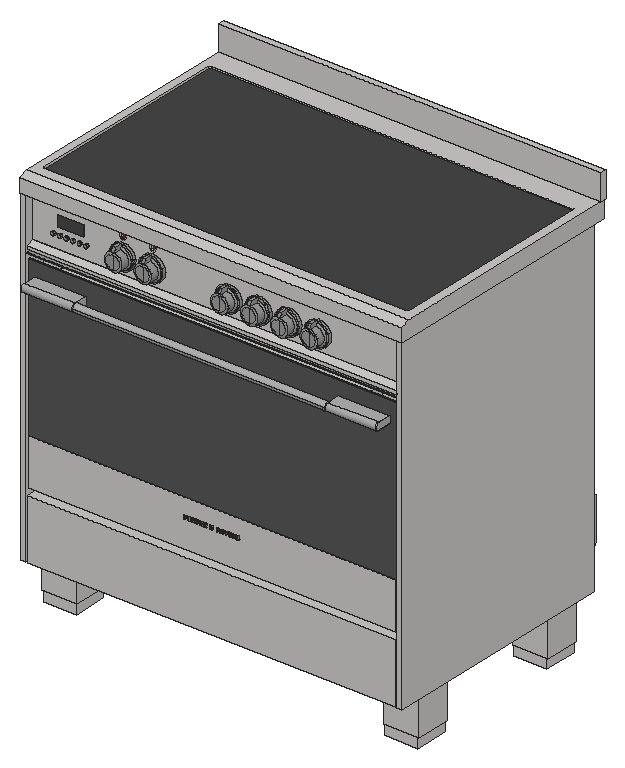
Revit family "FP_Revit_18_OR90SCI1X1_Range_90001034A", category Specialty Equipment, Revit 2018
Family settings
  Round Connector Dimension = Use Diameter
  Part Type = Normal
  OmniClass Number = 23.40.40.14.17.17
  OmniClass Title = Ranges
  Work Plane-Based = No
  Always vertical = Yes
  Cut with Voids When Loaded = Yes
  Shared = No
  Room Calculation Point = No
Parameters
  Visibility - Toe Kick Panel (Optional) = no
  Visibility - Rear Trim (Supplied) = yes
  Visibility - Clearance Required = yes
  Visibility - Adjustable Feet Covers = yes
  URL = "www.fisherpaykel.com"
  Product - Width = 897 mm  # constant formula
  Product - Height = 915 mm  # constant formula
  Product - Depth = 641.2 mm  # constant formula
  Optional - Toe Kick Panel = "KICKOR90X1"
  Model = "OR90SCI1X1"
  Material - Trim = Fisher & Paykel - Steel, Chrome Plated
  Material - Handle = Fisher & Paykel - Aluminium
  Material - Door Front = Fisher & Paykel - Stainless Steel
  Material - Cooktop = Fisher & Paykel - Black
  Material - Buttons and Dials = Fisher & Paykel - Steel, Chrome Plated
  Material - Body = Fisher & Paykel - Stainless Steel
  Manufacturer = "Fisher & Paykel Appliances"
  Keynote = ""
  Description = "90cm Classic Freestanding Cooker (Stainless)"
  Countertop Height (min 908mm - max 933mm) = 915 mm
  Connector Description - Electrical = "220-240 V, 50 Hz, 46.1 A"
  Clearance - Side Non-Combustible = 0 mm  # constant formula
  Clearance - Side Combustible = 50 mm  # constant formula
  Clearance - Rear Non-Combustible = 0 mm  # constant formula
  Clearance - Rear Combustible = 0 mm  # constant formula
  Clearance - Overhead Rangehood = 650 mm  # constant formula
  Clearance - Overhead Non-Combustible = 450 mm  # constant formula
  Clearance - Overhead Combustible = 650 mm  # constant formula
  Chassis - Width = 897 mm  # constant formula
  Chassis - Height = 813.6 mm  # constant formula
  Chassis - Depth = 593.5 mm  # constant formula
  Cavity - Width = 900 mm  # constant formula
  Cavity - Height = 915 mm  # constant formula
  Cavity - Depth = 600 mm  # constant formula
Reference planes
  plane 1 "Datum": y = 0
  plane 2: z = 0
  plane 3 "Center (Left/Right)": x = 0
  plane 4 "Product Height": z = 923
  plane 5 "Product LHS": x = -448.5
  plane 6 "Product RHS": x = 448.5
  plane 7 "Cavity LHS": x = -450
  plane 8 "Cavity RHS": x = 450
  plane 9 "Product Depth": y = 600
  plane 10 "Cavity Depth": y = 600
  plane 11 "Dials": z = 820.4
  plane 12 "Countertop Height": z = 915
  plane 13 "Top of Burners": z = 957
Forms (mm)
  Extrusion 1, solid, material "Fisher & Paykel - Stainless Steel" <- "Material - Body"
    sketch origin (0, 0, 0) x (0, 1, 0) y (0, 0, 1)
      loop
        line (50.7, 883) -> (50.7, 109.4) -> (565, 109.4) -> (565, 883) -> (50.7, 883)
    from -435.7 to 435.7
  Extrusion 2, solid, material "Fisher & Paykel - Stainless Steel" <- "Material - Body"
    sketch origin (0, 0, 0) x (0, 1, 0) y (0, 0, 1)
      loop
        line (19, 883) -> (19, 782.4) -> (50.7, 782.4) -> (50.7, 883) -> (19, 883)
    from -435.7 to 435.7
  Extrusion 3, solid, material "Fisher & Paykel - Stainless Steel" <- "Material - Body"
    sketch origin (0, 0, 0) x (0, 1, 0) y (0, 0, 1)
      loop
        line (31.59, 250.4) -> (1.5, 250.4) -> (1.5, 109.4) -> (31.59, 109.4) -> (31.59, 250.4)
    from -432 to 432
  Extrusion 4, solid, material "Fisher & Paykel - Clearance Required", visible <- "Visibility - Clearance Required", detail levels coarse
    sketch origin (0, 0, 0) x (0, 1, 0) y (0, 0, 1)
      loop
        line (0, 266.1) -> (0, 747.098)
        arc (0, 747.098) -> (-340.117, 606.217) -> (-480.998, 266.1) r 480.998
        line (-480.998, 266.1) -> (0, 266.1)
    from -435.7 to 435.7
  Extrusion 5, solid, material "Fisher & Paykel - Clearance Required", visible <- "Visibility - Clearance Required", detail levels coarse
    sketch origin (0, 0, 0) x (0, 1, 0) y (0, 0, 1)
      loop
        line (600, 0) -> (600, 923) -> (0, 923) -> (0, 0) -> (600, 0)
    from -450 to 450
  Extrusion 6, solid, material "Fisher & Paykel - Clearance Required (Combustible)", visible <- "Visibility - Clearance Required", detail levels coarse
    sketch origin (0, 0, 0) x (1, 0, 0) y (0, 1, 0)
      loop
        line (-450, 0) -> (-450, 600) -> (-500, 600) -> (-500, 0) -> (-450, 0)
      loop
        line (450, 0) -> (500, 0) -> (500, 600) -> (450, 600) -> (450, 0)
    from 923 to 1407
  Extrusion 7, solid, material "Fisher & Paykel - Clearance Required (Combustible)", visible <- "Visibility - Clearance Required", detail levels coarse
    sketch origin (0, 0, 0) x (1, 0, 0) y (0, 1, 0)
      loop
        line (-450, 0) -> (450, 0) -> (450, 600) -> (-450, 600) -> (-450, 0)
    from 1607 to 1407
  Extrusion 8, solid, material "Fisher & Paykel - Clearance Required (Non-Combustible)", visible <- "Visibility - Clearance Required", detail levels coarse
    sketch origin (0, 0, 0) x (1, 0, 0) y (0, 1, 0)
      loop
        line (450, 600) -> (-450, 600) -> (-450, 0) -> (450, 0) -> (450, 600)
    from 923 to 1407
  Extrusion 9, solid, material "Fisher & Paykel - Stainless Steel" <- "Material - Body"
    sketch origin (0, 0, 0) x (0, 1, 0) y (0, 0, 1)
      loop
        line (0, 883) -> (0, 109.4) -> (565, 109.4) -> (565, 883) -> (0, 883)
    from 435.7 to 447.5
  Extrusion 10, solid, material "Fisher & Paykel - Stainless Steel" <- "Material - Body"
    sketch origin (0, 0, 0) x (0, 1, 0) y (0, 0, 1)
      loop
        line (0, 883) -> (0, 109.4) -> (565, 109.4) -> (565, 883) -> (0, 883)
    from -447.504 to -435.7
  Extrusion 11, solid, material "Fisher & Paykel - Stainless Steel" <- "Material - Body"
    sketch origin (0, 0, 0) x (0, 1, 0) y (0, 0, 1)
      loop
        line (50.7, 782.4) -> (19, 782.4) -> (2, 774.4) -> (2, 767.4) -> (50.7, 767.4) -> (50.7, 782.4)
    from -435.7 to 435.7
  Extrusion 12, solid, material "Fisher & Paykel - Steel, Chrome Plated" <- "Material - Trim", detail levels fine
    sketch origin (0, 0, 0) x (0, 1, 0) y (0, 0, 1)
      loop
        line (1.349, 762.4) -> (1.349, 760.4) -> (50.7, 760.4) -> (50.7, 762.4) -> (1.349, 762.4)
    from -435.7 to 435.7
  Extrusion 13, solid, material "Fisher & Paykel - Stainless Steel" <- "Material - Body"
    sketch origin (0, 0, 0) x (0, 1, 0) y (0, 0, 1)
      loop
        line (-1.5, 914.915) -> (-1.5, 883) -> (593.5, 883) -> (593.5, 923) -> (18.511, 923) -> (-1.5, 914.915)
    from -448.5 to 448.5
  Extrusion 14, solid, material "Fisher & Paykel - Stainless Steel" <- "Material - Body", visible <- "Visibility - Adjustable Feet Covers"
    sketch origin (0, 0, 0) x (1, 0, 0) y (0, 1, 0)
      loop
        line (-360.4, 137.7) -> (-442.5, 137.7) -> (-442.5, 55.7) -> (-360.4, 55.7) -> (-360.4, 137.7)
      loop
        line (-360.4, 516.7) -> (-442.482, 516.7) -> (-442.482, 434.7) -> (-360.4, 434.7) -> (-360.4, 516.7)
      loop
        line (360.4, 137.7) -> (360.4, 55.7) -> (442.5, 55.7) -> (442.5, 137.7) -> (360.4, 137.7)
      loop
        line (360.4, 516.7) -> (360.4, 434.7) -> (442.482, 434.7) -> (442.482, 516.7) -> (360.4, 516.7)
    from 23.7 to 109.4
  Extrusion 15, solid, material "Fisher & Paykel - Stainless Steel" <- "Material - Body", visible <- "Visibility - Adjustable Feet Covers"
    sketch origin (0, 0, 0) x (1, 0, 0) y (0, 1, 0)
      loop
        line (-362.4, 514.7) -> (-440.5, 514.7) -> (-440.5, 436.7) -> (-362.4, 436.7) -> (-362.4, 514.7)
      loop
        line (-362.4, 135.7) -> (-440.5, 135.7) -> (-440.5, 57.7) -> (-362.4, 57.7) -> (-362.4, 135.7)
      loop
        line (362.4, 514.7) -> (362.4, 436.7) -> (440.5, 436.7) -> (440.5, 514.7) -> (362.4, 514.7)
      loop
        line (362.4, 135.7) -> (362.4, 57.7) -> (440.5, 57.7) -> (440.5, 135.7) -> (362.4, 135.7)
    from 0 to 23.7
  Extrusion 16, solid, material "Fisher & Paykel - Stainless Steel" <- "Material - Body", visible <- "Visibility - Toe Kick Panel (Optional)"
    sketch origin (0, 0, 0) x (1, 0, 0) y (0, 1, 0)
      loop
        line (-442.5, 151.534) -> (-447.504, 151.534) -> (-447.504, 50.7) -> (447.35, 50.7) -> (447.35, 151.534) -> (442.5, 151.534) -> (442.5, 55.7) -> (-442.5, 55.7) -> (-442.5, 151.534)
    from 23.7 to 109.4
  Extrusion 17, solid, material "Fisher & Paykel - Stainless Steel" <- "Material - Door Front"
    sketch origin (0, 0, 0) x (0, 1, 0) y (0, 0, 1)
      loop
        line (7.845, 745.371) -> (7.845, 273.1) -> (43.8, 273.1) -> (43.8, 741.592) -> (7.845, 745.371)
    from -365 to 365
  Extrusion 18, solid, material "Fisher & Paykel - Stainless Steel" <- "Material - Body", not visible
    sketch origin (0, 0, 0) x (0, 1, 0) y (0, 0, 1)
      loop
        line (584, 983) -> (584, 923) -> (598.5, 923) -> (598.5, 983) -> (584, 983)
    from -448.5 to 448.5
  Extrusion 19, void
    sketch origin (0, 0, 0) x (1, 0, 0) y (0, 0, 1)
      loop
        line (351.8, 237) -> (-428.7, 237) -> (-428.7, 109.4) -> (428.7, 109.4) -> (428.7, 883) -> (351.8, 883) -> (351.8, 237)
    from -609.888 to -519.5
  Extrusion 20, solid, material "Fisher & Paykel - Stainless Steel" <- "Material - Body", detail levels medium+fine
    sketch origin (0, 0, 0) x (1, 0, 0) y (0, 1, 0)
      loop
        circle (-370, 550.5) r 6
    from 137 to 237
  Extrusion 21, solid, material "Fisher & Paykel - Stainless Steel" <- "Material - Body"
    sketch origin (0, 0, 0) x (1, 0, 0) y (0, 0, 1)
      loop
        circle (-420.064, 912.06) r 4.009
      loop
        circle (-420.064, 912.06) r 7.491
      loop
        circle (420.064, 912.06) r 4.009
      loop
        circle (420.064, 912.06) r 7.491
    from -593.5 to -598.5
  Extrusion 22, solid, material "Fisher & Paykel - Stainless Steel" <- "Material - Body"
    sketch origin (0, 0, 0) x (1, 0, 0) y (0, 0, 1)
      loop
        line (-308.2, 367) -> (-428.7, 367) -> (-428.7, 237) -> (-308.2, 237) -> (-308.2, 367)
    from -587.5 to -565
  Extrusion 23, solid, material "Fisher & Paykel - Stainless Steel" <- "Material - Body"
    sketch origin (0, 0, 1000) x (1, 0, 0) y (0, 0, 1)
      loop
        line (227.779, -394.6) -> (-310.779, -394.6)
        arc (-310.779, -394.6) -> (-380.07, -440.899) -> (-363.812, -522.633) r 75
        line (-363.812, -522.633) -> (-237.954, -648.491)
        arc (-237.954, -648.491) -> (-220.111, -660.413) -> (-199.064, -664.6) r 55
        line (-199.064, -664.6) -> (116.064, -664.6)
        arc (116.064, -664.6) -> (137.111, -660.413) -> (154.954, -648.491) r 55
        line (154.954, -648.491) -> (280.812, -522.633)
        arc (280.812, -522.633) -> (297.07, -440.899) -> (227.779, -394.6) r 75
    from -578.5 to -565
  Extrusion 24, solid, material "Fisher & Paykel - Stainless Steel" <- "Material - Body"
    sketch origin (0, 0, 0) x (1, 0, 0) y (0, 1, 0)
      loop
        circle (-401.482, 475.7) r 25
      loop
        circle (-401.5, 96.7) r 25
      loop
        circle (401.482, 475.7) r 25
      loop
        circle (401.5, 96.7) r 25
    from 0 to 109.4
  Extrusion 25, solid, material "Fisher & Paykel - Stainless Steel" <- "Material - Door Front"
    sketch origin (0, 0, 0) x (0, 1, 0) y (0, 0, 1)
      loop
        line (2.8, 265.5) -> (3.8, 265.5) -> (3.8, 376.471) -> (2.8, 376.471) -> (2.8, 265.5)
    from -432 to 432
  Extrusion 26, solid, material "Fisher & Paykel - Stainless Steel" <- "Material - Body", visible <- "Visibility - Rear Trim (Supplied)"
    sketch origin (0, 0, 0) x (0, 1, 0) y (0, 0, 1)
      loop
        line (584, 983) -> (584, 923) -> (598.5, 923) -> (598.5, 983) -> (584, 983)
    from -448.5 to 448.5
  Extrusion 27, solid, material "Fisher & Paykel - Glass, Black"
    sketch origin (0, 0, 0) x (0, 1, 0) y (0, 0, 1)
      loop
        line (3.8, 747.7) -> (3.8, 265.5) -> (7.845, 265.5) -> (7.845, 747.7) -> (3.8, 747.7)
    from -432 to 432
  Extrusion 28, void
    sketch origin (0, 0, 0) x (0, 1, 0) y (0, 0, 1)
      loop
        line (600, 0) -> (600, 923) -> (-39.5, 923) -> (-39.5, 0) -> (600, 0)
    from -450 to 450
  Extrusion 29, solid, material "Fisher & Paykel - Black", detail levels fine
    sketch origin (0, 0, 0) x (1, 0, 0) y (0, 0, 1)
      loop
        line (-374.803, 853.532) -> (-374.803, 828.532) -> (-314.803, 828.532) -> (-314.803, 853.532) -> (-374.803, 853.532)
    from -19 to -18.02
  Extrusion 30, solid, material "Fisher & Paykel - Steel, Chrome Plated" <- "Material - Buttons and Dials", detail levels fine
    sketch origin (0, 0, 0) x (1, 0, 0) y (0, 0, 1)
      loop
        circle (-383.498, 813.532) r 4.062
      loop
        circle (-368.02, 813.532) r 4.062
      loop
        circle (-352.542, 813.532) r 4.062
      loop
        circle (-337.064, 813.532) r 4.062
      loop
        circle (-321.586, 813.532) r 4.062
      loop
        circle (-306.109, 813.532) r 4.062
    from -17 to -14
  Extrusion 31, void
    sketch origin (0, 0, 0) x (1, 0, 0) y (0, 1, 0)
      loop
        arc (-424.8, 531.791) -> (-428.336, 530.326) -> (-429.8, 526.791) r 5
        line (-429.8, 526.791) -> (-429.8, 46.2)
        arc (-429.8, 46.2) -> (-428.336, 42.664) -> (-424.8, 41.2) r 5
        line (-424.8, 41.2) -> (424.8, 41.2)
        arc (424.8, 41.2) -> (428.336, 42.664) -> (429.8, 46.2) r 5
        line (429.8, 46.2) -> (429.8, 526.791)
        arc (429.8, 526.791) -> (428.336, 530.326) -> (424.8, 531.791) r 5
        line (424.8, 531.791) -> (-424.8, 531.791)
    from 883 to 923
  Extrusion 32, solid, material "Fisher & Paykel - Black" <- "Material - Cooktop"
    sketch origin (0, 0, 0) x (1, 0, 0) y (0, 1, 0)
      loop
        arc (-424.8, 531.791) -> (-428.336, 530.326) -> (-429.8, 526.791) r 5
        line (-429.8, 526.791) -> (-429.8, 46.2)
        arc (-429.8, 46.2) -> (-428.336, 42.664) -> (-424.8, 41.2) r 5
        line (-424.8, 41.2) -> (424.8, 41.2)
        arc (424.8, 41.2) -> (428.336, 42.664) -> (429.8, 46.2) r 5
        line (429.8, 46.2) -> (429.8, 526.791)
        arc (429.8, 526.791) -> (428.336, 530.326) -> (424.8, 531.791) r 5
        line (424.8, 531.791) -> (-424.8, 531.791)
    from 883 to 920
  Revolve 33, void
    sketch origin (-152.015, 0, 0) x (0, 1, 0) y (0, 0, 1)
      loop
        line (25.94, 862.456) -> (25.94, 867.737) -> (20.94, 867.737) -> (19, 869.677) -> (19, 862.456) -> (25.94, 862.456)
      axis (25.94, 862.456) -> (19, 862.456)
    angle from 0 to 360
  Revolve 34, void
    sketch origin (-222.015, 0, 0) x (0, 1, 0) y (0, 0, 1)
      loop
        line (25.94, 862.456) -> (25.94, 867.737) -> (20.94, 867.737) -> (19, 869.677) -> (19, 862.456) -> (25.94, 862.456)
      axis (25.94, 862.456) -> (19, 862.456)
    angle from 0 to 360
  Extrusion 35, solid, material "Fisher & Paykel - Bezel Red", detail levels fine
    sketch origin (0, 0, 0) x (1, 0, 0) y (0, 0, 1)
      loop
        circle (-152.015, 862.456) r 5.281
      loop
        circle (-222.015, 862.456) r 5.281
    from -25.94 to -20.94
Cuts and joins
  Extrusion 19 cuts Extrusion 1
  Extrusion 31 cuts Extrusion 13
  Revolve 33, Revolve 34 cuts Extrusion 2
Text (mm)
  text "Due to ongoing product development, product details are subject to change without notice. \nPlease always refer to www.fisherpaykel.com for the most current product information. \n© Fisher & Paykel 2020" at (41.04, -544.815, 0), in view "Ref. Level (Plan)"
Dimensions and locks
  equal spacing: plane 5 "Product LHS", plane 3 "Center (Left/Right)", plane 6 "Product RHS"
  "Product - Width": plane 5 "Product LHS" to plane 6 "Product RHS"
  equal spacing: plane 7 "Cavity LHS", plane 3 "Center (Left/Right)", plane 8 "Cavity RHS"
  "Cavity - Width": plane 7 "Cavity LHS" to plane 8 "Cavity RHS"
  locked: plane 4 "Product Height" to nested 1 at 592.51
  "Clearance - Side Combustible": Extrusion 6 sketch curve to Extrusion 5
  "Clearance - Side Combustible": Extrusion 5 to Extrusion 6 sketch curve
  Extrusion 6 to plane 4 "Product Height" = 484 mm
  Extrusion 7 to plane 4 "Product Height" = 484 mm
  Extrusion 8 to plane 4 "Product Height" = 484 mm
  "Clearance - Side Combustible": Extrusion 8 to Extrusion 6
  "Clearance - Side Combustible": Extrusion 6 to Extrusion 8
  locked: plane 4 "Product Height" to Extrusion 9 at 40
  plane 5 "Product LHS" to Extrusion 14 sketch curve = 88.1 mm
  locked: plane 4 "Product Height" to Extrusion 9 at 813.6  (x2)
  locked: Extrusion 6 to plane 11 "Dials" at 102.6
  plane 4 "Product Height" to Extrusion 12 = 160.6 mm
  locked: plane 4 "Product Height" to plane 11 "Dials" at 102.6
  locked: Extrusion 17 to plane 4 "Product Height" at 649.9
  cut or joined group of Extrusion 1, Extrusion 19 to plane 11 "Dials" = 711 mm
  cut or joined group of Extrusion 1, Extrusion 19 to cut or joined group of Extrusion 1, Extrusion 19 = 127.6 mm
  locked: cut or joined group of Extrusion 1, Extrusion 19 to Extrusion 9 at 127.6
  locked: plane 4 "Product Height" to Extrusion 11 at 155.6
  Extrusion 3 sketch curve to Extrusion 3 sketch curve = 141 mm
  locked: Extrusion 22 to plane 4 "Product Height" at 556
  locked: Extrusion 20 to cut or joined group of Extrusion 1, Extrusion 19 at 100
  locked: Extrusion 23 sketch curve to plane 4 "Product Height" at 317.6
  locked: cut or joined group of Extrusion 1, Extrusion 19 to plane 4 "Product Height" at 686
  locked: Extrusion 20 to Extrusion 9 at 127.6
  locked: plane 4 "Product Height" to Extrusion 4 at 656.9
  locked: plane 12 "Countertop Height" to plane 4 "Product Height" at 8
  "Countertop Height (min 908mm - max 933mm)": level to plane 12 "Countertop Height"
  locked: Extrusion 3 to plane 4 "Product Height" at 813.6
  locked: plane 4 "Product Height" to Extrusion 3 at 672.6
  locked: plane 4 "Product Height" to Extrusion 25 at 546.529
  locked: plane 13 "Top of Burners" to plane 4 "Product Height" at 34
  "Clearance - Overhead Non-Combustible": Extrusion 6 to plane 13 "Top of Burners"
  "Clearance - Overhead Combustible": Extrusion 7 to plane 13 "Top of Burners"
  locked: plane 4 "Product Height" to nested 9 at 740.6
  locked: plane 4 "Product Height" to Extrusion 27 at 175.3
  locked: Extrusion 27 to plane 4 "Product Height" at 657.5
  "Cavity - Depth": plane 1 "Datum" to plane 10 "Cavity Depth"
  Extrusion 31 to plane 4 "Product Height" = 0 mm
  plane 1 "Datum" to Extrusion 32 = 531.791 mm
  locked: plane 4 "Product Height" to Extrusion 32 at 3
  aligned and locked: level to plane 2
  aligned and locked: Extrusion 5 sketch curve to plane 4 "Product Height"
  aligned and locked: Extrusion 5 to plane 8 "Cavity RHS"
  aligned and locked: Extrusion 5 to plane 7 "Cavity LHS"
  aligned and locked: Extrusion 6 sketch curve to plane 8 "Cavity RHS"
  aligned and locked: Extrusion 6 sketch curve to plane 7 "Cavity LHS"
  aligned and locked: Extrusion 5 to Extrusion 7 sketch curve
  aligned and locked: Extrusion 8 sketch curve to Extrusion 5  (x2)
  aligned and locked: cut or joined group of Extrusion 1, Extrusion 19 to Extrusion 2  (x2)
  aligned and locked: Extrusion 9 sketch curve to plane 1 "Datum"
  aligned and locked: Extrusion 2 to Extrusion 11
  aligned and locked: Extrusion 2 to Extrusion 12
  aligned and locked: Extrusion 11 to Extrusion 2
  aligned and locked: Extrusion 12 to Extrusion 2
  aligned and locked: Extrusion 15 to level
  aligned and locked: Extrusion 15 to Extrusion 14
  aligned and locked: Extrusion 16 sketch curve to Extrusion 14
  aligned and locked: Extrusion 16 sketch curve to Extrusion 2
  aligned and locked: Extrusion 18 to plane 6 "Product RHS"
  aligned and locked: plane 5 "Product LHS" to Extrusion 18
  aligned and locked: plane 10 "Cavity Depth" to Extrusion 7
  aligned and locked: Extrusion 6 sketch curve to plane 10 "Cavity Depth"
  aligned and locked: Extrusion 13 to plane 5 "Product LHS"
  aligned and locked: Extrusion 13 to plane 6 "Product RHS"
  aligned and locked: Extrusion 10 to cut or joined group of Extrusion 1, Extrusion 19
  aligned and locked: Extrusion 24 to cut or joined group of Extrusion 1, Extrusion 19
  aligned and locked: Extrusion 8 to plane 4 "Product Height"
  aligned and locked: Extrusion 7 to Extrusion 8
  aligned and locked: Extrusion 16 to cut or joined group of Extrusion 1, Extrusion 19
  aligned and locked: Extrusion 26 to plane 6 "Product RHS"
  aligned and locked: Extrusion 1 to Extrusion 19
  aligned and locked: Extrusion 31 to Extrusion 2
Automatic sketch dimensions
  Extrusion 1 sketch curve to plane 1 "Datum" = 50.7 mm
  plane 9 "Product Depth" to Extrusion 1 sketch curve = 35 mm
  level to Extrusion 1 sketch curve = 109.4 mm
  plane 12 "Countertop Height" to Extrusion 1 sketch curve = 32 mm
  Extrusion 2 sketch curve to plane 1 "Datum" = 19 mm
  Extrusion 2 sketch curve to Extrusion 2 sketch curve = 31.7 mm
  plane 11 "Dials" to Extrusion 2 sketch curve = 38 mm
  plane 12 "Countertop Height" to Extrusion 2 sketch curve = 32 mm
  Extrusion 3 sketch curve to plane 1 "Datum" = 1.5 mm
  Extrusion 3 sketch curve to Extrusion 3 sketch curve = 30.09 mm
  level to Extrusion 3 sketch curve = 109.4 mm
  Extrusion 4 sketch curve to plane 1 "Datum" = 0 mm
  Extrusion 4 sketch curve to Extrusion 4 sketch curve = 480.998 mm
  level to Extrusion 4 sketch curve = 266.1 mm
  Extrusion 5 sketch curve to level = 0 mm
  Extrusion 5 sketch curve to plane 1 "Datum" = 0 mm
  Extrusion 5 sketch curve to Extrusion 5 sketch curve = 600 mm
  Extrusion 7 sketch curve to plane 8 "Cavity RHS" = 0 mm
  plane 1 "Datum" to Extrusion 7 sketch curve = 0 mm
  plane 9 "Product Depth" to Extrusion 7 sketch curve = 0 mm
  Extrusion 8 sketch curve to plane 7 "Cavity LHS" = 0 mm
  plane 1 "Datum" to Extrusion 8 sketch curve = 0 mm
  plane 9 "Product Depth" to Extrusion 9 sketch curve = 35 mm
  level to Extrusion 9 sketch curve = 109.4 mm
  plane 12 "Countertop Height" to Extrusion 9 sketch curve = 32 mm
  Extrusion 10 sketch curve to plane 1 "Datum" = 0 mm
  plane 9 "Product Depth" to Extrusion 10 sketch curve = 35 mm
  level to Extrusion 10 sketch curve = 109.4 mm
  plane 12 "Countertop Height" to Extrusion 10 sketch curve = 32 mm
  Extrusion 11 sketch curve to plane 1 "Datum" = 2 mm
  Extrusion 11 sketch curve to Extrusion 11 sketch curve = 17 mm
  Extrusion 11 sketch curve to Extrusion 11 sketch curve = 31.7 mm
  plane 11 "Dials" to Extrusion 11 sketch curve = 53 mm
  Extrusion 11 sketch curve to Extrusion 11 sketch curve = 7 mm
  Extrusion 11 sketch curve to Extrusion 11 sketch curve = 15 mm
  Extrusion 12 sketch curve to plane 1 "Datum" = 1.349 mm
  Extrusion 12 sketch curve to Extrusion 12 sketch curve = 49.351 mm
  plane 11 "Dials" to Extrusion 12 sketch curve = 60 mm
  Extrusion 12 sketch curve to Extrusion 12 sketch curve = 2 mm
  Extrusion 13 sketch curve to plane 4 "Product Height" = 0 mm
  plane 1 "Datum" to Extrusion 13 sketch curve = 1.5 mm
  Extrusion 13 sketch curve to plane 1 "Datum" = 18.511 mm
  plane 9 "Product Depth" to Extrusion 13 sketch curve = 6.5 mm
  plane 12 "Countertop Height" to Extrusion 13 sketch curve = 0.085 mm
  plane 12 "Countertop Height" to Extrusion 13 sketch curve = 32 mm
  Extrusion 14 sketch curve to plane 5 "Product LHS" = 6.018 mm
  Extrusion 14 sketch curve to plane 5 "Product LHS" = 6 mm
  Extrusion 14 sketch curve to Extrusion 14 sketch curve = 82.081 mm
  plane 6 "Product RHS" to Extrusion 14 sketch curve = 88.1 mm  (x2)
  plane 6 "Product RHS" to Extrusion 14 sketch curve = 6.018 mm
  plane 6 "Product RHS" to Extrusion 14 sketch curve = 6 mm
  Extrusion 14 sketch curve to plane 1 "Datum" = 55.7 mm  (x2)
  Extrusion 14 sketch curve to Extrusion 14 sketch curve = 82 mm  (x4)
  plane 9 "Product Depth" to Extrusion 14 sketch curve = 165.3 mm  (x2)
  Extrusion 15 sketch curve to plane 5 "Product LHS" = 8 mm  (x2)
  Extrusion 15 sketch curve to Extrusion 15 sketch curve = 78.1 mm  (x2)
  plane 6 "Product RHS" to Extrusion 15 sketch curve = 86.1 mm  (x2)
  plane 6 "Product RHS" to Extrusion 15 sketch curve = 8 mm  (x2)
  Extrusion 15 sketch curve to plane 1 "Datum" = 57.7 mm  (x2)
  Extrusion 15 sketch curve to Extrusion 15 sketch curve = 78 mm  (x4)
  plane 9 "Product Depth" to Extrusion 15 sketch curve = 163.3 mm  (x2)
  Extrusion 16 sketch curve to plane 5 "Product LHS" = 0.996 mm
  Extrusion 16 sketch curve to Extrusion 16 sketch curve = 5.004 mm
  plane 6 "Product RHS" to Extrusion 16 sketch curve = 6 mm
  plane 6 "Product RHS" to Extrusion 16 sketch curve = 1.15 mm
  Extrusion 16 sketch curve to Extrusion 16 sketch curve = 95.834 mm  (x2)
  Extrusion 17 sketch curve to plane 1 "Datum" = 7.845 mm
  Extrusion 17 sketch curve to Extrusion 17 sketch curve = 35.955 mm
  level to Extrusion 17 sketch curve = 273.1 mm
  plane 11 "Dials" to Extrusion 17 sketch curve = 78.808 mm
  Extrusion 17 sketch curve to Extrusion 17 sketch curve = 3.779 mm
  Extrusion 18 sketch curve to plane 4 "Product Height" = 0 mm
  plane 9 "Product Depth" to Extrusion 18 sketch curve = 16 mm
  plane 9 "Product Depth" to Extrusion 18 sketch curve = 1.5 mm
  plane 13 "Top of Burners" to Extrusion 18 sketch curve = 26 mm
  Extrusion 19 sketch curve to plane 5 "Product LHS" = 19.8 mm
  plane 6 "Product RHS" to Extrusion 19 sketch curve = 96.7 mm
  plane 6 "Product RHS" to Extrusion 19 sketch curve = 19.8 mm
  level to Extrusion 19 sketch curve = 109.4 mm
  Extrusion 19 sketch curve to Extrusion 19 sketch curve = 127.6 mm
  plane 12 "Countertop Height" to Extrusion 19 sketch curve = 32 mm
  Extrusion 20 sketch curve to plane 5 "Product LHS" = 78.5 mm
  plane 9 "Product Depth" to Extrusion 20 sketch curve = 49.5 mm
  Extrusion 21 sketch curve to Extrusion 21 sketch curve = 0 mm  (x4)
  plane 12 "Countertop Height" to Extrusion 21 sketch curve = 2.94 mm  (x2)
  Extrusion 21 sketch curve to plane 5 "Product LHS" = 28.436 mm
  plane 6 "Product RHS" to Extrusion 21 sketch curve = 28.436 mm
  Extrusion 22 sketch curve to plane 5 "Product LHS" = 19.8 mm
  Extrusion 22 sketch curve to Extrusion 22 sketch curve = 120.5 mm
  level to Extrusion 22 sketch curve = 237 mm
  Extrusion 22 sketch curve to Extrusion 22 sketch curve = 130 mm
  Extrusion 23 sketch curve to plane 5 "Product LHS" = 84.688 mm
  Extrusion 23 sketch curve to plane 5 "Product LHS" = 137.721 mm
  Extrusion 23 sketch curve to Extrusion 23 sketch curve = 125.858 mm
  Extrusion 23 sketch curve to Extrusion 23 sketch curve = 38.891 mm  (x3)
  plane 3 "Center (Left/Right)" to Extrusion 23 sketch curve = 116.064 mm
  Extrusion 23 sketch curve to Extrusion 23 sketch curve = 111.716 mm
  Extrusion 23 sketch curve to Extrusion 23 sketch curve = 53.033 mm
  Extrusion 23 sketch curve to Extrusion 23 sketch curve = 75 mm  (x2)
  Extrusion 23 sketch curve to Extrusion 23 sketch curve = 140 mm  (x2)
  Extrusion 24 sketch curve to plane 5 "Product LHS" = 47 mm
  Extrusion 24 sketch curve to plane 5 "Product LHS" = 47.018 mm
  plane 6 "Product RHS" to Extrusion 24 sketch curve = 47.018 mm
  plane 6 "Product RHS" to Extrusion 24 sketch curve = 47 mm
  Extrusion 24 sketch curve to plane 1 "Datum" = 96.7 mm  (x2)
  plane 9 "Product Depth" to Extrusion 24 sketch curve = 124.3 mm  (x2)
  Extrusion 25 sketch curve to plane 1 "Datum" = 2.8 mm
  Extrusion 25 sketch curve to Extrusion 25 sketch curve = 1 mm
  level to Extrusion 25 sketch curve = 265.5 mm
  Extrusion 25 sketch curve to Extrusion 25 sketch curve = 110.971 mm
  Extrusion 26 sketch curve to plane 4 "Product Height" = 0 mm
  plane 9 "Product Depth" to Extrusion 26 sketch curve = 16 mm
  plane 9 "Product Depth" to Extrusion 26 sketch curve = 1.5 mm
  plane 13 "Top of Burners" to Extrusion 26 sketch curve = 26 mm
  Extrusion 27 sketch curve to plane 1 "Datum" = 3.8 mm
  Extrusion 27 sketch curve to Extrusion 27 sketch curve = 4.045 mm
  level to Extrusion 27 sketch curve = 265.5 mm
  plane 11 "Dials" to Extrusion 27 sketch curve = 72.7 mm
  Extrusion 28 sketch curve to level = 0 mm
  Extrusion 28 sketch curve to plane 4 "Product Height" = 0 mm
  plane 1 "Datum" to Extrusion 28 sketch curve = 39.5 mm
  Extrusion 28 sketch curve to Extrusion 28 sketch curve = 639.5 mm
  Extrusion 29 sketch curve to plane 11 "Dials" = 8.132 mm
  Extrusion 29 sketch curve to plane 5 "Product LHS" = 73.697 mm
  Extrusion 29 sketch curve to Extrusion 29 sketch curve = 60 mm
  Extrusion 29 sketch curve to Extrusion 29 sketch curve = 25 mm
  plane 11 "Dials" to Extrusion 30 sketch curve = 6.868 mm  (x6)
  Extrusion 30 sketch curve to plane 5 "Product LHS" = 65.002 mm
  Extrusion 30 sketch curve to Extrusion 30 sketch curve = 15.478 mm  (x5)
  Extrusion 31 sketch curve to plane 5 "Product LHS" = 18.7 mm
  Extrusion 31 sketch curve to Extrusion 31 sketch curve = 5 mm  (x2)
  plane 6 "Product RHS" to Extrusion 31 sketch curve = 23.7 mm  (x2)
  plane 6 "Product RHS" to Extrusion 31 sketch curve = 18.7 mm
  Extrusion 31 sketch curve to plane 1 "Datum" = 41.2 mm
  plane 9 "Product Depth" to Extrusion 31 sketch curve = 73.209 mm
  Extrusion 32 sketch curve to plane 5 "Product LHS" = 18.7 mm
  Extrusion 32 sketch curve to Extrusion 32 sketch curve = 5 mm  (x2)
  plane 6 "Product RHS" to Extrusion 32 sketch curve = 23.7 mm  (x2)
  plane 6 "Product RHS" to Extrusion 32 sketch curve = 18.7 mm
  Extrusion 32 sketch curve to plane 1 "Datum" = 41.2 mm
  plane 9 "Product Depth" to Extrusion 32 sketch curve = 73.209 mm
  Revolve 33 sketch curve to plane 1 "Datum" = 19 mm
  Revolve 33 sketch curve to Revolve 33 sketch curve = 1.94 mm  (x2)
  Revolve 33 sketch curve to Revolve 33 sketch curve = 6.94 mm
  Revolve 33 sketch curve to plane 11 "Dials" = 42.056 mm
  Revolve 33 sketch curve to Revolve 33 sketch curve = 5.281 mm
  Revolve 33 sketch curve to Revolve 33 sketch curve = 0 mm  (x2)
  Revolve 33 sketch curve to plane 1 "Datum" = 9 mm
  Revolve 34 sketch curve to plane 1 "Datum" = 19 mm
  Revolve 34 sketch curve to Revolve 34 sketch curve = 1.94 mm  (x2)
  Revolve 34 sketch curve to Revolve 34 sketch curve = 6.94 mm
  Revolve 34 sketch curve to plane 11 "Dials" = 42.056 mm
  Revolve 34 sketch curve to Revolve 34 sketch curve = 5.281 mm
  Revolve 34 sketch curve to Revolve 34 sketch curve = 0 mm  (x2)
  Revolve 34 sketch curve to plane 1 "Datum" = 9 mm
  Extrusion 35 sketch curve to plane 11 "Dials" = 42.056 mm  (x2)
  Extrusion 35 sketch curve to plane 3 "Center (Left/Right)" = 222.015 mm
  Extrusion 35 sketch curve to Extrusion 35 sketch curve = 70 mm
  plane 1 "Datum" to Extrusion 6 sketch curve = 0 mm  (x2)
  plane 9 "Product Depth" to Extrusion 6 sketch curve = 0 mm
  radius of Extrusion 20 sketch curve = 6 mm
  radius of Extrusion 21 sketch curve = 4.009 mm  (x2)
  radius of Extrusion 21 sketch curve = 7.491 mm  (x2)
  radius of Extrusion 24 sketch curve = 25 mm  (x4)
  radius of Extrusion 30 sketch curve = 4.062 mm  (x6)
  radius of Extrusion 35 sketch curve = 5.281 mm  (x2)
Nested families
  nested 1: "F&P Logo 130mm" at (0, 2.8, 330.49), type "F&P Logo 130mm"
  nested 2: "F&P Dial Range Classic" at (237.986, 19, 820.4), type "F&P Dial Range Classic"
  nested 3: "F&P Dial Range Classic" at (167.986, 19, 820.4), type "F&P Dial Range Classic"
  nested 4: "F&P Dial Range Classic" at (97.985, 19, 820.4), type "F&P Dial Range Classic"
  nested 5: "F&P Dial Range Classic" at (27.986, 19, 820.4), type "F&P Dial Range Classic"
  nested 6: "F&P Dial Range Classic" at (-152.015, 19, 820.4), type "F&P Dial Range Classic"
  nested 7: "F&P Dial Range Classic" at (-222.015, 19, 820.4), type "F&P Dial Range Classic"
  nested 8: "F&P Handle Contemporary Round - Horizontal" at (0, 3.8, 707.163), type "F&P Handle Contemporary Round - Horizontal"
  nested 9: "F&P Anti Tip OR90" at (-7, -39.5, 7.9), type "F&P Anti Tip OR90"
Connectors
  electrical at (-370, 550.5, 137), driven by "Connector Description - Electrical"
    settings: on Extrusion 20, index 1, voltage 230 V, apparent load 0 VA, apparent load phase1 0 VA, apparent load phase2 0 VA, apparent load phase3 0 VA, power factor 1, load classification "Other", number of poles 1, system type 30, power factor state 1, is connector primary yes, connector utility no, sub classification motor no, connector description "220-240 V, 50 Hz, 46.1 A"
Definition of nested family "F&P Logo 130mm"
  Parameters (values of type "F&P Logo 130mm")
    URL = "www.fisherpaykel.com"
    Material - Logo = none
    Manufacturer = "Fisher & Paykel Appliances"
  Reference planes
    plane 1 "Center (Front/Back)": y = 0
    plane 2: z = 0
    plane 3 "Center (Left/Right)": x = 0
  Forms (mm)
    Extrusion 1, solid, material <- "Material - Logo", detail levels fine
      sketch origin (0, 0, 0) x (1, 0, 0) y (0, 0, 1)
        loop
          line (-64.995, 0) -> (-62.949, 0) -> (-62.949, 2.779) -> (-59.752, 2.779) -> (-59.752, 4.514) -> (-62.949, 4.514) -> (-62.949, 6.125) -> (-59.47, 6.125) -> (-59.47, 7.852) -> (-64.995, 7.852) -> (-64.995, 0)
        loop
          line (-55.583, 7.852) -> (-55.583, 0) -> (-53.537, 0) -> (-53.537, 7.852) -> (-55.583, 7.852)
        loop
          line (-39.879, 7.852) -> (-39.879, 0) -> (-37.834, 0) -> (-37.834, 3.146) -> (-34.828, 3.146) -> (-34.828, 0) -> (-32.782, 0) -> (-32.782, 7.852) -> (-34.828, 7.852) -> (-34.828, 4.872) -> (-37.834, 4.872) -> (-37.834, 7.852) -> (-39.879, 7.852)
        loop
          line (-28.416, 7.852) -> (-28.416, 0) -> (-22.821, 0) -> (-22.821, 1.727) -> (-26.388, 1.727) -> (-26.388, 3.146) -> (-23.128, 3.146) -> (-23.128, 4.872) -> (-26.388, 4.872) -> (-26.388, 6.125) -> (-22.821, 6.125) -> (-22.821, 7.852) -> (-28.416, 7.852)
        loop
          line (59.429, 7.852) -> (59.429, 0) -> (65.005, 0) -> (65.005, 1.727) -> (61.476, 1.727) -> (61.476, 7.852) -> (59.429, 7.852)
        loop
          line (55.223, 7.852) -> (49.609, 7.852) -> (49.609, 0) -> (55.223, 0) -> (55.223, 1.727) -> (51.655, 1.727) -> (51.655, 3.146) -> (54.916, 3.146) -> (54.916, 4.872) -> (51.655, 4.872) -> (51.655, 6.125) -> (55.223, 6.125) -> (55.223, 7.852)
        loop
          line (43.548, 4.092) -> (46.45, 7.852) -> (44.059, 7.852) -> (41.552, 4.604) -> (41.552, 7.852) -> (39.507, 7.852) -> (39.507, 0) -> (41.552, 0) -> (41.552, 3.517) -> (44.136, 0) -> (46.554, 0) -> (43.548, 4.092)
        loop
          line (28.637, 7.852) -> (31.604, 3.146) -> (31.604, 0) -> (33.65, 0) -> (33.65, 3.043) -> (36.617, 7.852) -> (34.443, 7.852) -> (32.692, 4.819) -> (30.941, 7.852) -> (28.637, 7.852)
        loop
          line (24.085, 7.852) -> (22.141, 7.852) -> (18.943, 0) -> (20.952, 0) -> (21.514, 1.445) -> (24.66, 1.445) -> (25.223, 0) -> (27.282, 0) -> (24.085, 7.852)
        loop
          line (23.982, 3.171) -> (23.064, 5.426) -> (22.186, 3.171) -> (23.982, 3.171)
        loop
          line (10.503, 7.852) -> (10.503, 0) -> (12.55, 0) -> (12.55, 2.519) -> (13.842, 2.519)
          arc (13.842, 2.519) -> (16.508, 5.186) -> (13.842, 7.852) r 2.666
          line (13.842, 7.852) -> (10.503, 7.852)
        loop
          line (12.55, 6.125) -> (12.55, 4.156) -> (13.714, 4.156)
          arc (13.714, 4.156) -> (14.699, 5.141) -> (13.714, 6.125) r 0.985
          line (13.714, 6.125) -> (12.55, 6.125)
        loop
          line (-15.255, 7.852) -> (-18.614, 7.852) -> (-18.614, 0) -> (-16.568, 0) -> (-16.568, 2.052) -> (-15.768, 2.052) -> (-14.202, 0) -> (-11.836, 0) -> (-13.84, 2.565)
          arc (-13.84, 2.565) -> (-12.519, 5.752) -> (-15.255, 7.852) r 2.833
        loop
          line (-15.404, 6.125) -> (-16.568, 6.125) -> (-16.568, 3.969) -> (-15.404, 3.969)
          arc (-15.404, 3.969) -> (-14.326, 5.047) -> (-15.404, 6.125) r 1.078
        loop
          line (0.683, 6.125) -> (0.683, 7.999) -> (-4.586, 7.999) -> (-4.586, 6.306) -> (-3.804, 5.345)
          arc (-3.804, 5.345) -> (-4.501, 0.889) -> (0.004, 0.665) r 3.034
          line (0.004, 0.665) -> (0.546, 0) -> (2.867, 0) -> (1.181, 2.072) -> (2.704, 4.268) -> (0.602, 4.268) -> (0.046, 3.467) -> (-2.117, 6.125) -> (0.683, 6.125)
        loop
          arc (-2.7, 3.989) -> (-2.887, 2.168) -> (-1.066, 1.981) r 1.294
          line (-1.066, 1.981) -> (-2.7, 3.989)
        loop
          line (-45.672, 4.724) -> (-47.408, 5.084)
          arc (-47.408, 5.084) -> (-48.101, 5.776) -> (-47.408, 6.469) r 0.693
          arc (-47.408, 6.469) -> (-45.742, 6.227) -> (-44.214, 5.522) r 5.856
          line (-44.214, 5.522) -> (-44.214, 7.466)
          arc (-44.214, 7.466) -> (-46.152, 8.033) -> (-48.168, 7.942) r 6.144
          arc (-48.168, 7.942) -> (-50.034, 5.635) -> (-48.168, 3.329) r 2.358
          line (-48.168, 3.329) -> (-46.418, 2.967)
          arc (-46.418, 2.967) -> (-45.725, 2.274) -> (-46.418, 1.581) r 0.693
          arc (-46.418, 1.581) -> (-48.083, 1.823) -> (-49.611, 2.528) r 5.856
          line (-49.611, 2.528) -> (-49.611, 0.584)
          arc (-49.611, 0.584) -> (-47.674, 0.017) -> (-45.658, 0.108) r 6.144
          arc (-45.658, 0.108) -> (-43.791, 2.422) -> (-45.672, 4.724) r 2.358
      from 0 to 0.8
  Dimensions and locks
    aligned and locked: level to plane 2
Definition of nested family "F&P Dial Range Classic"
  Parameters (values of type "F&P Dial Range Classic")
    URL = "www.fisherpaykel.com"
    Material - Buttons and Dials = none
    Manufacturer = "Fisher & Paykel Appliances"
  Reference planes
    plane 1 "Center (Front/Back)": y = 0
    plane 2: z = 0
    plane 3 "Center (Left/Right)": x = 0
  Forms (mm)
    Revolve 1, solid, material <- "Material - Buttons and Dials", detail levels medium+fine
      sketch origin (0, 0, 0) x (0, 1, 0) y (0, 0, 1)
        loop
          line (0, 0) -> (0, 29) -> (-6.292, 29) -> (-8.369, 26.525) -> (-2, 26.525) -> (-2, 25.14) -> (-7.39, 25.14) -> (-11.758, 20.772) -> (-29.187, 20.772) -> (-30.7, 16.28) -> (-30.7, 0) -> (0, 0)
        axis (0, 0) -> (-30.7, 0)
      angle from 0 to 360
    Extrusion 2, solid, material <- "Material - Buttons and Dials", detail levels fine
      sketch origin (0, 0, 0) x (0, 1, 0) y (0, 0, 1)
        loop
          line (-12.311, 20.772) -> (-12.311, 23.129) -> (-9.811, 25.629) -> (-9.811, 31.1) -> (-25.903, 31.1) -> (-29.187, 20.772) -> (-12.311, 20.772)
      from -3.05 to 3.05
    Revolve 3, solid, material <- "Material - Buttons and Dials", detail levels coarse
      sketch origin (0, 0, 0) x (0, 1, 0) y (0, 0, 1)
        loop
          line (-30.7, 0) -> (0, 0) -> (0, 29) -> (-8.369, 29) -> (-8.369, 20.772) -> (-30.7, 20.772) -> (-30.7, 0)
        axis (0, 0) -> (-30.7, 0)
      angle from 0 to 360
    Revolve 4, solid, material <- "Material - Buttons and Dials", detail levels fine
      sketch origin (0, 0, 0) x (0, 1, 0) y (0, 0, 1)
        loop
          line (-2, 26.525) -> (-7.39, 26.525) -> (-7.39, 25.14) -> (-2, 25.14) -> (-2, 26.525)
        axis (-2, 0) -> (-7.39, 0)
      angle from 0 to 360
  Dimensions and locks
    aligned and locked: level to plane 2
Definition of nested family "F&P Handle Contemporary Round - Horizontal"
  Parameters (values of type "F&P Handle Contemporary Round - Horizontal")
    URL = "www.fisherpaykel.com"
    Product - Width = 834 mm
    Material - Handle = none
    Manufacturer = "Fisher & Paykel Appliances"
  Reference planes
    plane 1 "Center (Front/Back)": y = 0
    plane 2: z = 0
    plane 3 "Center (Left/Right)": x = 0
    plane 4 "Product LHS": x = -417
    plane 5 "Product RHS": x = 417
    plane 6 "LHS Standoff": x = -296.995
    plane 7 "RHS Standoff": x = 297.005
  Forms (mm)
    Extrusion 1, solid, material <- "Material - Handle"
      sketch origin (0, 0, 0) x (0, 1, 0) y (0, 0, 1)
        loop
          circle (-32.3, 0) r 8.7
      from -296.995 to 297.005
    Extrusion 2, solid, material <- "Material - Handle", detail levels fine
      sketch origin (0, 0, 0) x (0, 1, 0) y (0, 0, 1)
        loop
          line (0, 8.7) -> (-32.3, 8.7)
          arc (-32.3, 8.7) -> (-41, 0) -> (-32.3, -8.7) r 8.7
          line (-32.3, -8.7) -> (0, -8.7) -> (0, 8.7)
      from 297.005 to 417
    Extrusion 3, solid, material <- "Material - Handle", detail levels fine
      sketch origin (0, 0, 0) x (0, 1, 0) y (0, 0, -1)
        loop
          line (0, -8.7) -> (0, 8.7) -> (-32.3, 8.7)
          arc (-32.3, 8.7) -> (-41, 0) -> (-32.3, -8.7) r 8.7
          line (-32.3, -8.7) -> (0, -8.7)
      from 296.995 to 417
    Sweep 4, void
      path in 3D
        loop
          line (417, 0, 8.7) -> (417, -32.3, 8.7)
          arc (417, -32.3, 8.7) -> (417, -41, 0) -> (417, -32.3, -8.7) r 8.7
          line (417, -32.3, -8.7) -> (417, 0, -8.7)
      profile origin (417, -16.15, 8.7) x (1, 0, 0) y (0, 0, 1)
        loop
          line (0, 0) -> (-1, 0) -> (0, -1) -> (0, 0)
    Sweep 5, void
      path in 3D
        loop
          line (-417, 0, -8.7) -> (-417, -32.3, -8.7)
          arc (-417, -32.3, -8.7) -> (-417, -41, 0) -> (-417, -32.3, 8.7) r 8.7
          line (-417, -32.3, 8.7) -> (-417, 0, 8.7)
      profile origin (-417, -16.15, 8.7) x (-1, 0, 0) y (0, 0, 1)
        loop
          line (0, 0) -> (-1, 0) -> (0, -1) -> (0, 0)
    Extrusion 6, solid, material <- "Material - Handle", detail levels coarse+medium
      sketch origin (0, 0, 0) x (0, 1, 0) y (0, 0, 1)
        loop
          line (0, 8.7) -> (-32.3, 8.7)
          arc (-32.3, 8.7) -> (-41, 0) -> (-32.3, -8.7) r 8.7
          line (-32.3, -8.7) -> (0, -8.7) -> (0, 8.7)
      from 297.005 to 417
    Extrusion 7, solid, material <- "Material - Handle", detail levels coarse+medium
      sketch origin (0, 0, 0) x (0, 1, 0) y (0, 0, -1)
        loop
          line (0, -8.7) -> (0, 8.7) -> (-32.3, 8.7)
          arc (-32.3, 8.7) -> (-41, 0) -> (-32.3, -8.7) r 8.7
          line (-32.3, -8.7) -> (0, -8.7)
      from 296.995 to 417
  Cuts and joins
    Sweep 4 cuts Extrusion 2
    Sweep 5 cuts Extrusion 3
  Lines and regions (mm)
    sketch lines
      curve 1: line (417, 0, 8.7) -> (417, -32.3, 8.7)
      curve 2: arc (417, -32.3, -8.7) -> (417, -41, 0) -> (417, -32.3, 8.7) r 8.7
      curve 3: line (417, -32.3, -8.7) -> (417, 0, -8.7)
      curve 4: line (-417, -32.3, 8.7) -> (-417, 0, 8.7)
      curve 5: arc (-417, -32.3, 8.7) -> (-417, -41, 0) -> (-417, -32.3, -8.7) r 8.7
      curve 6: line (-417, 0, -8.7) -> (-417, -32.3, -8.7)
  Dimensions and locks
    equal spacing: plane 4 "Product LHS", plane 3 "Center (Left/Right)", plane 5 "Product RHS"
    "Product - Width": plane 4 "Product LHS" to plane 5 "Product RHS"
    locked: plane 4 "Product LHS" to plane 6 "LHS Standoff" at 120.005
    locked: plane 7 "RHS Standoff" to plane 5 "Product RHS" at 119.995
    equal spacing: Extrusion 2 sketch curve, level, Extrusion 2 sketch curve
    Extrusion 3 sketch curve to Extrusion 3 sketch curve = 17.4 mm
    Extrusion 6 sketch curve to Extrusion 6 sketch curve = 17.4 mm
    Extrusion 7 sketch curve to Extrusion 7 sketch curve = 17.4 mm
    aligned and locked: level to plane 2
    aligned and locked: plane 7 "RHS Standoff" to Extrusion 1
    aligned and locked: Extrusion 2 to Extrusion 1
    aligned and locked: Extrusion 2 to plane 5 "Product RHS"
    aligned and locked: plane 4 "Product LHS" to Extrusion 3
    aligned and locked: plane 6 "LHS Standoff" to Extrusion 3
    aligned and locked: Extrusion 1 to plane 6 "LHS Standoff"
    aligned and locked: Extrusion 6 to Extrusion 1
    aligned and locked: Extrusion 6 to plane 5 "Product RHS"
    aligned and locked: plane 4 "Product LHS" to Extrusion 7
    aligned and locked: Extrusion 7 to Extrusion 1
  Automatic sketch dimensions
    Extrusion 1 sketch curve to level = 0 mm
    plane 1 "Center (Front/Back)" to Extrusion 1 sketch curve = 32.3 mm
    Extrusion 2 sketch curve to plane 1 "Center (Front/Back)" = 0 mm
    Extrusion 2 sketch curve to level = 8.7 mm
    plane 1 "Center (Front/Back)" to Extrusion 2 sketch curve = 32.3 mm
    Extrusion 3 sketch curve to level = 0 mm
    Extrusion 3 sketch curve to plane 1 "Center (Front/Back)" = 0 mm
    Extrusion 3 sketch curve to level = 8.7 mm
    plane 1 "Center (Front/Back)" to Extrusion 3 sketch curve = 32.3 mm
    Sweep 4 sketch curve to profile plane = 0 mm
    profile plane to Sweep 4 sketch curve = 0 mm
    profile plane to Sweep 4 sketch curve = 1 mm
    Sweep 4 sketch curve to profile plane = 1 mm
    Sweep 5 sketch curve to profile plane = 0 mm  (x2)
    profile plane to Sweep 5 sketch curve = 1 mm
    Sweep 5 sketch curve to profile plane = 1 mm
    Extrusion 6 sketch curve to level = 0 mm
    level to Extrusion 6 sketch curve = 8.7 mm
    plane 1 "Center (Front/Back)" to Extrusion 6 sketch curve = 32.3 mm
    Extrusion 6 sketch curve to Extrusion 6 sketch curve = 32.3 mm
    Extrusion 7 sketch curve to level = 0 mm
    level to Extrusion 7 sketch curve = 8.7 mm
    plane 1 "Center (Front/Back)" to Extrusion 7 sketch curve = 32.3 mm
    Extrusion 7 sketch curve to Extrusion 7 sketch curve = 32.3 mm
    radius of Extrusion 1 sketch curve = 8.7 mm
Definition of nested family "F&P Anti Tip OR90"
  Parameters (values of type "F&P Anti Tip OR90")
    URL = "www.fisherpaykel.com"
    Material - Rollers and Feet = none
    Manufacturer = "Fisher & Paykel Appliances"
    Connector Description - Water = ""
    Connector Description - Electrical = ""
  Reference planes
    plane 1 "Center (Front/Back)": y = 0
    plane 2: z = 0
    plane 3 "Center (Left/Right)": x = 0
  Forms (mm)
    Extrusion 1, solid, material <- "Material - Rollers and Feet"
      sketch origin (0, 0, 0) x (0, 1, 0) y (0, 0, 1)
        loop
          line (639.5, 280.626) -> (630.5, 280.626) -> (630.5, 188.5)
          arc (630.5, 188.5) -> (629.036, 184.965) -> (625.5, 183.5) r 5
          line (625.5, 183.5) -> (464.549, 183.5) -> (464.549, 174.5) -> (632.5, 174.5)
          arc (632.5, 174.5) -> (637.45, 176.55) -> (639.5, 181.5) r 7
          line (639.5, 181.5) -> (639.5, 280.626)
      from 430 to 400
    Extrusion 2, void
      sketch origin (0, 0, 0) x (1, 0, 0) y (0, 0, 1)
        loop
          circle (415, 255.626) r 4
        loop
          circle (415, 205.626) r 4
      from -639.5 to -630.5
  Cuts and joins
    Extrusion 2 cuts Extrusion 1
  Dimensions and locks
    aligned and locked: level to plane 2
    aligned and locked: Extrusion 1 to Extrusion 2
